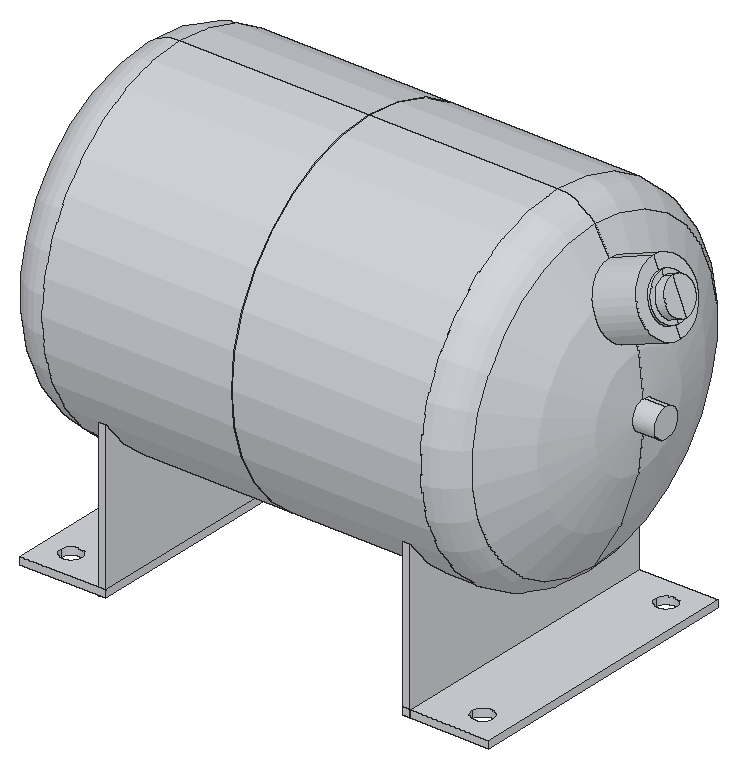
Revit family
Parameters (values of type "AX-15 125# W.P. with SADDLES")
  Weight = "37 lbs"
  Tank Volume = "8 Gal"
  Tank Radius = Tank Diameter / 2  # 6.000"
  Tank Length = 19.250"
  Tank Diameter = 12.000"
  Pipe Connector Diameter = Pipe Connection Radius * 2  # 0.500"
  Pipe Connection Radius = 0.250"
  Off Ref Plane = 3.000"
  Model = "AX-15"
  Maximum Acceptance Volume = "2.4 Gal"
  Max Operating Temp = "240 DEG F"
  Max Operating Pressure = "125 PSI"
  Manufacturer = "Amtrol"
  CL to Saddle = 5.188"
  Bladder/Diaphragm = "Diaphragm"
  ASME = yes
  1/2 Tank Length = Tank Length / 2  # 9.625"
Types (5): name | Weight | Tank Volume | Tank Length | Model | Max Operating Pressure | CL to Saddle | 1/2 Tank Length
  (no name) | "37 lbs" | "8 Gal" | 19.250" | "AX-15" | "125 PSI" | 5.188" | 9.625"
  AX-15 125# W.P. with SADDLES | "37 lbs" | "8 Gal" | 19.250" | "AX-15" | "125 PSI" | 5.188" | 9.625"
  AX-20 150# W.P. 10 BAR with SADDLES | "41 lbs" | "10.9 Gal" | 26.250" | "AX-20" | "150 PSI" | 8.563" | 13.125"
  AX-15 150# W.P. 10 BAR with SADDLES | "44 lbs" | "8 Gal" | 19.250" | "AX-15" | "150 PSI" | 5.188" | 9.625"
  AX-20 125# W.P. with SADDLES | "46 lbs" | "10.9 Gal" | 26.250" | "AX-20" | "125 PSI" | 8.563" | 13.125"
Reference planes (in)
  plane 1 "Center (Front/Back)": y = 0
  plane 2: z = 0
  plane 3 "Center (Left/Right)": x = 0
  plane 4: z = 3
Forms (in)
  Revolve 1, solid
    sketch origin (0, 0, 0) x (1, 0, 0) y (0, 0, 1)
      loop
        arc (-9.625, 9) -> (-9.17991, 6.1898) -> (-7.8882, 3.65468) r 9.094
        arc (-7.8882, 3.65468) -> (-7.32435, 3.17311) -> (-6.60332, 3) r 1.5882
        line (-6.60332, 3) -> (0, 3) -> (0, 9) -> (-9.625, 9)
      axis (0, 9) -> (-9.625, 9)
    angle from 0 to 360
  Revolve 2, solid
    sketch origin (0, 0, 0) x (-1, 0, 0) y (0, 0, 1)
      loop
        arc (-9.625, 9) -> (-9.17991, 6.1898) -> (-7.8882, 3.65468) r 9.094
        arc (-7.8882, 3.65468) -> (-7.32435, 3.17311) -> (-6.60332, 3) r 1.5882
        line (-6.60332, 3) -> (0, 3) -> (0, 9) -> (-9.625, 9)
      axis (0, 9) -> (-9.625, 9)
    angle from 0 to 360
  Revolve 3, solid
    sketch origin (0, 0, 0) x (1, 0, 0) y (0, 0, 1)
      loop
        line (8.85197, 12.32758) -> (9.25829, 11.15458) -> (10.88086, 11.81014) -> (10.7141, 12.22289) -> (10.8271, 12.26854) -> (10.7657, 12.42051) -> (11.10114, 12.55604) -> (10.86487, 13.14084) -> (8.85197, 12.32758)
      axis (8.79385, 12.3041) -> (10.86487, 13.14084)
    angle from 0 to 360
  Sweep 4, solid
    path origin (0, 0, 0) x (1, 0, 0) y (0, 0, 1)
      loop
        line (9.625, 9) -> (10.375, 9)
    profile origin (10, 0, 9) x (0, 0, 1) y (0, -1, 0)
      loop
        circle (0, 0) r 0.5
  Extrusion 5, solid
    sketch origin (0, 0, 0) x (0, 1, 0) y (0, 0, -1)
      loop
        line (-5, -0.25) -> (-5, -5.70616)
        arc (-5, -5.70616) -> (0, -3) -> (5, -5.70616) r 5.97217
        line (5, -5.70616) -> (5, -0.25) -> (-5, -0.25)
    from -5.438 to -5.188
  Extrusion 6, solid
    sketch origin (0, 0, 0) x (-1, 0, 0) y (0, 0, -1)
      loop
        line (-5.188, -0.25) -> (-8.188, -0.25) -> (-8.188, -0.5) -> (-5.188, -0.5) -> (-5.188, -0.25)
    from -5 to 5
  Extrusion 7, solid
    sketch origin (0, 0, 0) x (0, 1, 0) y (0, 0, 1)
      loop
        line (-5, 0.25) -> (5, 0.25) -> (5, 5.70616)
        arc (5, 5.70616) -> (0, 3) -> (-5, 5.70616) r 5.97217
        line (-5, 5.70616) -> (-5, 0.25)
    from -5.438 to -5.188
  Extrusion 8, solid
    sketch origin (0, 0, 0) x (1, 0, 0) y (0, 0, 1)
      loop
        line (-5.188, 0.25) -> (-5.188, 0.5) -> (-8.188, 0.5) -> (-8.188, 0.25) -> (-5.188, 0.25)
    from -5 to 5
  Extrusion 9, void
    sketch origin (0, 0, 0) x (1, 0, 0) y (0, 1, 0)
      loop
        circle (7.188, 4) r 0.375
      loop
        circle (7.188, -4) r 0.375
    from 0 to 1.94307
  Extrusion 10, void
    sketch origin (0, 0, 0) x (1, 0, 0) y (0, 1, 0)
      loop
        circle (-7.188, 4) r 0.375
      loop
        circle (-7.188, -4) r 0.375
    from 0 to 1.91888
Cuts and joins
  Extrusion 9 cuts Revolve 2
  Extrusion 9 cuts Extrusion 6
  Extrusion 10 cuts Revolve 1
  Extrusion 10 cuts Extrusion 8
Dimensions and locks (in)
  Revolve 1 sketch curve to Revolve 1 sketch curve = 7.5058"
  "1/2 Tank Length": Revolve 1 sketch curve to Revolve 1 sketch curve
  Revolve 2 sketch curve to Revolve 2 sketch curve = 7.5058"
  "1/2 Tank Length": Revolve 2 sketch curve to Revolve 2 sketch curve
  Sweep 4 to Revolve 3 sketch curve = 0.36671"
  Sweep 4 to Revolve 3 sketch curve = 0.77303"
  "1/2 Tank Length": Sweep 4 sketch curve to plane 3 "Center (Left/Right)"
  locked: Extrusion 5 sketch curve to Extrusion 5 sketch curve at 5.45616
  locked: Extrusion 6 sketch curve to Extrusion 6 sketch curve at 3
  locked: Extrusion 6 sketch curve to Extrusion 6 sketch curve at 0.25
  "CL to Saddle": Extrusion 5 to plane 3 "Center (Left/Right)"
  locked: Extrusion 5 to Extrusion 5 at 0.25
  locked: Extrusion 5 to Extrusion 6 at 3
  locked: Extrusion 7 sketch curve to Extrusion 7 sketch curve at 5.45616
  locked: Extrusion 8 sketch curve to Extrusion 8 sketch curve at 3
  locked: Extrusion 8 sketch curve to Extrusion 8 sketch curve at 0.25
  locked: Extrusion 7 to Extrusion 7 at 0.25
  locked: Extrusion 7 to Extrusion 8 at 3
  "CL to Saddle": plane 3 "Center (Left/Right)" to Extrusion 7
  locked: Extrusion 9 sketch curve to Extrusion 6 at 1  (x2)
  locked: Extrusion 6 to Extrusion 9 sketch curve at 1
  locked: cut or joined group of Extrusion 6, Extrusion 9 to Extrusion 9 sketch curve at 1
  locked: Extrusion 8 to Extrusion 10 sketch curve at 1  (x4)
  aligned and locked: plane 3 "Center (Left/Right)" to Revolve 1 sketch curve
  aligned and locked: import instance to plane 1 "Center (Front/Back)"
  aligned and locked: Extrusion 6 to Extrusion 5
  aligned and locked: Extrusion 5 to Extrusion 6
  aligned and locked: Extrusion 8 to Extrusion 7
  aligned and locked: Extrusion 7 to Extrusion 8
Automatic sketch dimensions
  Revolve 1 sketch curve to plane 4 = 0.000"
  Revolve 1 sketch curve to plane 3 "Center (Left/Right)" = 0.000"
  Revolve 1 sketch curve to Revolve 1 sketch curve = 5.125"
  plane 4 to Revolve 1 sketch curve = 0.65468"
  Revolve 1 sketch curve to Revolve 1 sketch curve = 1.7368"
  Revolve 1 sketch curve to Revolve 1 sketch curve = 0.000"  (x2)
  Revolve 2 sketch curve to plane 4 = 0.000"
  Revolve 2 sketch curve to plane 3 "Center (Left/Right)" = 0.000"  (x2)
  Revolve 2 sketch curve to Revolve 2 sketch curve = 5.125"
  Revolve 2 sketch curve to plane 4 = 0.65468"
  Revolve 2 sketch curve to Revolve 2 sketch curve = 1.7368"
  Revolve 2 sketch curve to Revolve 2 sketch curve = 0.000"  (x2)
  Revolve 3 sketch curve to Revolve 3 sketch curve = 0.000"  (x2)
  Revolve 3 sketch curve to Revolve 3 sketch curve = 1.45581"
  Revolve 3 sketch curve to Revolve 3 sketch curve = 0.0516"
  Revolve 3 sketch curve to Revolve 3 sketch curve = 0.113"
  Revolve 3 sketch curve to Revolve 3 sketch curve = 0.09917"
  plane 4 to Revolve 3 sketch curve = 8.81013"
  Revolve 3 sketch curve to Revolve 3 sketch curve = 0.16676"
  Revolve 3 sketch curve to Revolve 3 sketch curve = 0.33544"
  Revolve 3 sketch curve to Revolve 3 sketch curve = 1.00045"
  Revolve 3 sketch curve to Revolve 3 sketch curve = 0.65556"
  Revolve 3 sketch curve to Revolve 3 sketch curve = 0.40421"
  Sweep 4 sketch curve to Sweep 4 sketch curve = 0.750"
  plane 4 to Sweep 4 sketch curve = 6.000"
  Sweep 4 sketch curve to plane 1 "Center (Front/Back)" = 0.000"
  profile plane to Sweep 4 sketch curve = 0.000"
  Extrusion 5 sketch curve to plane 1 "Center (Front/Back)" = 0.000"
  level to Extrusion 5 sketch curve = 0.250"
  plane 1 "Center (Front/Back)" to Extrusion 5 sketch curve = 5.000"
  plane 4 to Extrusion 5 sketch curve = 2.70616"
  Extrusion 5 sketch curve to Extrusion 5 sketch curve = 3.26601"
  Extrusion 6 sketch curve to level = 0.250"
  Extrusion 6 sketch curve to plane 3 "Center (Left/Right)" = 8.188"
  Extrusion 7 sketch curve to plane 1 "Center (Front/Back)" = 0.000"
  level to Extrusion 7 sketch curve = 0.250"
  plane 1 "Center (Front/Back)" to Extrusion 7 sketch curve = 5.000"
  plane 4 to Extrusion 7 sketch curve = 2.70616"
  Extrusion 7 sketch curve to Extrusion 7 sketch curve = 3.26601"
  level to Extrusion 8 sketch curve = 0.250"
  Extrusion 8 sketch curve to plane 3 "Center (Left/Right)" = 8.188"
  radius of Sweep 4 sketch curve = 0.500"
  radius of Extrusion 9 sketch curve = 0.375"  (x2)
  radius of Extrusion 10 sketch curve = 0.375"  (x2)
Connectors (in)
  piping at (9.625, 0, 9), driven by "Pipe Connection Radius"
    settings: on Sweep 4, index 1
